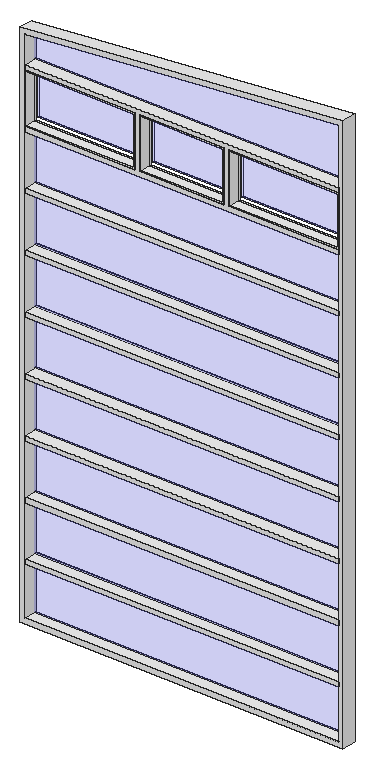
Revit family
Parameters
  창 두께 = 150 mm
  창 패널 = AW23 창 패널
  창 프레임 = AW23 창 프레임
  Height = 6090 mm
  절반 창 두께 = 창 두께 / 2  # 75 mm
  기본 씰 높이 = 3900 mm
  Wall Closure = (empty or 0)
  Width = 3500 mm
Reference planes
  plane 1: y = 0
  plane 2 "중심(왼쪽/오른쪽)": x = 0
  plane 3 "왼쪽": x = -1750
  plane 4 "오른쪽": x = 1750
  plane 5 "씰": z = 3900
  plane 6 "헤드": z = 9990
  plane 7 "외부": y = 100
  plane 8 "내부": y = -100
  plane 9: z = 4500
  plane 10: z = 5100
  plane 11: z = 5700
  plane 12: z = 6300
  plane 13: z = 6900
  plane 14: z = 7500
  plane 15: z = 8100
  plane 16: z = 8700
  plane 17: z = 9300
  plane 18: z = 3950
  plane 19: x = -1700
  plane 20: x = 1700
  plane 21: z = 9670
  plane 22: x = 583.333
  plane 23: x = -583.333
  plane 24: y = 75
  plane 25: y = -75
  plane 26: x = -1700
  plane 27: x = 1700
  plane 28: z = 4525
  plane 29: z = 4475
  plane 30: y = 66
  plane 31: y = 44
  plane 32: y = 35
  plane 33: x = 458.333
  plane 34: x = 508.333
  plane 35: x = -458.333
  plane 36: x = -508.333
  plane 37: x = 483.333
  plane 38: x = -483.333
Forms (mm)
  Sweep 1, solid, material "AW23 창 프레임" <- "창 프레임"
    path origin (-3700, 75, 1000) x (-1, 0, 0) y (0, 0, 1)
      loop
        line (-5450, 2900) -> (-1950, 2900) -> (-1950, 8670) -> (-5450, 8990) -> (-5450, 2900)
    profile origin (1750, 75, 6945) x (1, 0, 0) y (0, 1, 0)
      loop
        line (0, 0) -> (-50, 0) -> (-50, -150) -> (0, -150) -> (0, 0)
  Extrusion 2, solid, material "AW23 창 프레임" <- "창 프레임"
    sketch origin (0, 0, 0) x (1, 0, 0) y (0, 1, 0)
      loop
        line (-1700, 75) -> (-1700, -75) -> (1700, -75) -> (1700, 75) -> (-1700, 75)
    from 4475 to 4525
  Extrusion 3, solid, material "AW23 창 프레임" <- "창 프레임"
    sketch origin (0, 0, 600) x (1, 0, 0) y (0, 1, 0)
      loop
        line (-1700, 75) -> (-1700, -75) -> (1700, -75) -> (1700, 75) -> (-1700, 75)
    from 4475 to 4525
  Extrusion 4, solid, material "AW23 창 프레임" <- "창 프레임"
    sketch origin (0, 0, 1200) x (1, 0, 0) y (0, 1, 0)
      loop
        line (-1700, 75) -> (-1700, -75) -> (1700, -75) -> (1700, 75) -> (-1700, 75)
    from 4475 to 4525
  Extrusion 5, solid, material "AW23 창 프레임" <- "창 프레임"
    sketch origin (0, 0, 1800) x (1, 0, 0) y (0, 1, 0)
      loop
        line (-1700, 75) -> (-1700, -75) -> (1700, -75) -> (1700, 75) -> (-1700, 75)
    from 4475 to 4525
  Extrusion 6, solid, material "AW23 창 프레임" <- "창 프레임"
    sketch origin (0, 0, 2400) x (1, 0, 0) y (0, 1, 0)
      loop
        line (-1700, 75) -> (-1700, -75) -> (1700, -75) -> (1700, 75) -> (-1700, 75)
    from 4475 to 4525
  Extrusion 7, solid, material "AW23 창 프레임" <- "창 프레임"
    sketch origin (0, 0, 3000) x (1, 0, 0) y (0, 1, 0)
      loop
        line (-1700, 75) -> (-1700, -75) -> (1700, -75) -> (1700, 75) -> (-1700, 75)
    from 4475 to 4525
  Extrusion 8, solid, material "AW23 창 프레임" <- "창 프레임"
    sketch origin (0, 0, 3600) x (1, 0, 0) y (0, 1, 0)
      loop
        line (-1700, 75) -> (-1700, -75) -> (1700, -75) -> (1700, 75) -> (-1700, 75)
    from 4475 to 4525
  Extrusion 9, solid, material "AW23 창 프레임" <- "창 프레임"
    sketch origin (0, 0, 4200) x (1, 0, 0) y (0, 1, 0)
      loop
        line (-1700, 75) -> (-1700, -75) -> (1700, -75) -> (1700, 75) -> (-1700, 75)
    from 4475 to 4525
  Extrusion 10, solid, material "AW23 창 프레임" <- "창 프레임"
    sketch origin (0, 0, 4800) x (1, 0, 0) y (0, 1, 0)
      loop
        line (-1700, 75) -> (-1700, -75) -> (1700, -75) -> (1700, 75) -> (-1700, 75)
    from 4475 to 4525
  Extrusion 11, solid, material "AW23 창 패널" <- "창 패널"
    sketch origin (0, 0, 0) x (1, 0, 0) y (0, 1, 0)
      loop
        line (-1700, 66) -> (-1700, 44) -> (1700, 44) -> (1700, 66) -> (-1700, 66)
    from 3950 to 4475
  Extrusion 12, solid, material "AW23 창 패널" <- "창 패널"
    sketch origin (0, 0, 575) x (1, 0, 0) y (0, 1, 0)
      loop
        line (-1700, 66) -> (-1700, 44) -> (1700, 44) -> (1700, 66) -> (-1700, 66)
    from 3950 to 4500
  Extrusion 13, solid, material "AW23 창 패널" <- "창 패널"
    sketch origin (0, 0, 1175) x (1, 0, 0) y (0, 1, 0)
      loop
        line (-1700, 66) -> (-1700, 44) -> (1700, 44) -> (1700, 66) -> (-1700, 66)
    from 3950 to 4500
  Extrusion 14, solid, material "AW23 창 패널" <- "창 패널"
    sketch origin (0, 0, 1775) x (1, 0, 0) y (0, 1, 0)
      loop
        line (-1700, 66) -> (-1700, 44) -> (1700, 44) -> (1700, 66) -> (-1700, 66)
    from 3950 to 4500
  Extrusion 15, solid, material "AW23 창 패널" <- "창 패널"
    sketch origin (0, 0, 2375) x (1, 0, 0) y (0, 1, 0)
      loop
        line (-1700, 66) -> (-1700, 44) -> (1700, 44) -> (1700, 66) -> (-1700, 66)
    from 3950 to 4500
  Extrusion 16, solid, material "AW23 창 패널" <- "창 패널"
    sketch origin (0, 0, 2975) x (1, 0, 0) y (0, 1, 0)
      loop
        line (-1700, 66) -> (-1700, 44) -> (1700, 44) -> (1700, 66) -> (-1700, 66)
    from 3950 to 4500
  Extrusion 17, solid, material "AW23 창 패널" <- "창 패널"
    sketch origin (0, 0, 3575) x (1, 0, 0) y (0, 1, 0)
      loop
        line (-1700, 66) -> (-1700, 44) -> (1700, 44) -> (1700, 66) -> (-1700, 66)
    from 3950 to 4500
  Extrusion 18, solid, material "AW23 창 패널" <- "창 패널"
    sketch origin (0, 0, 4175) x (1, 0, 0) y (0, 1, 0)
      loop
        line (-1700, 66) -> (-1700, 44) -> (1700, 44) -> (1700, 66) -> (-1700, 66)
    from 3950 to 4500
  Extrusion 19, solid, material "AW23 창 프레임" <- "창 프레임"
    sketch origin (0, 0, 0) x (1, 0, 0) y (0, 1, 0)
      loop
        line (-508.333, 75) -> (-508.333, -75) -> (-458.333, -75) -> (-458.333, 75) -> (-508.333, 75)
      loop
        line (458.333, 75) -> (458.333, -75) -> (508.333, -75) -> (508.333, 75) -> (458.333, 75)
    from 8725 to 9275
  Extrusion 20, solid, material "AW23 창 패널" <- "창 패널"
    sketch origin (0, 0, 0) x (1, 0, 0) y (0, 1, 0)
      loop
        line (-1650, 66) -> (-1650, 44) -> (-558.333, 44) -> (-558.333, 66) -> (-1650, 66)
      loop
        line (-408.333, 66) -> (-408.333, 44) -> (408.333, 44) -> (408.333, 66) -> (-408.333, 66)
      loop
        line (558.333, 66) -> (558.333, 44) -> (1650, 44) -> (1650, 66) -> (558.333, 66)
    from 8775 to 9225
  Extrusion 21, solid, material "AW23 창 패널" <- "창 패널"
    sketch origin (558.333, 66, 0) x (1, 0, 0) y (0, 0, -1)
      loop
        line (1141.667, -9325) -> (-2258.333, -9325) -> (-2258.333, -9624.363) -> (1141.667, -9935.22) -> (1141.667, -9325)
    from 0 to -22
  Extrusion 22, solid, material "AW23 창 프레임" <- "창 프레임"
    sketch origin (-508.333, 35, 9275) x (-1, 0, 0) y (0, 0, -1)
      loop
        line (-2208.333, 0) -> (-1016.667, 0) -> (-1016.667, 550) -> (-2208.333, 550) -> (-2208.333, 0)
      loop
        line (-966.667, 0) -> (-50, 0) -> (-50, 550) -> (-966.667, 550) -> (-966.667, 0)
      loop
        line (0, 0) -> (1191.667, 0) -> (1191.667, 550) -> (0, 550) -> (0, 0)
      loop
        line (-2198.333, 540) -> (-2198.333, 10) -> (-1026.667, 10) -> (-1026.667, 540) -> (-2198.333, 540)
      loop
        line (-956.667, 10) -> (-60, 10) -> (-60, 540) -> (-956.667, 540) -> (-956.667, 10)
      loop
        line (10, 10) -> (1181.667, 10) -> (1181.667, 540) -> (10, 540) -> (10, 10)
    from 0 to 110
Cuts and joins
  joined: Extrusion 9, Extrusion 10, Extrusion 19
Lines and regions (mm)
  Opening 1
    outline origin (3500, -100, 0) x (1, 0, 0) y (0, 0, 1)
      loop
        line (-1750, 3900) -> (-1750, 9990) -> (-5250, 9670) -> (-5250, 3900) -> (-1750, 3900)
  symbolic lines
    curve 1: line (-1700, 100, 0) -> (-1700, -100, 0)
    curve 2: line (1700, 100, 0) -> (1700, -100, 0)
    curve 3: line (-1700, 75, 0) -> (1700, 75, 0)
    curve 4: line (-1700, 0, 0) -> (1700, 0, 0)
    curve 5: line (-1700, -75, 0) -> (1700, -75, 0)
Text (mm)
  text "외부" at (-1963.203, 1332.353, 0), in view "참조 레벨"
  text "내부" at (-1981.466, -818.386, 0), in view "참조 레벨"
  text "외부" at (0, 923.751, 2943.296), in view "오른쪽"
  text "외부" at (0, 1040.484, 2685.409), in view "왼쪽"
Dimensions and locks
  equal spacing: plane 3 "왼쪽", plane 2 "중심(왼쪽/오른쪽)", plane 4 "오른쪽"
  "Width": plane 3 "왼쪽" to plane 4 "오른쪽"
  "Height": plane 5 "씰" to plane 6 "헤드"
  "기본 씰 높이": plane 5 "씰" to level
  locked: plane 7 "외부" to host wall at 0
  locked: plane 8 "내부" to host wall
  plane 17 to plane 21 = 370 mm
  plane 21 to plane 6 "헤드" = 320 mm
  equal spacing: plane 3 "왼쪽", plane 23, plane 22, plane 4 "오른쪽"
  plane 29 to plane 9 to plane 28 = 25 mm, 25 mm
  plane 24 to plane 30 to plane 31 to plane 32 = 9 mm locked, 22 mm locked, 9 mm locked
  "절반 창 두께": plane 24 to host wall
  "절반 창 두께": host wall to plane 25
  locked: plane 34 to plane 37 at 25
  locked: plane 33 to plane 37 at 25
  locked: plane 35 to plane 38 at 25
  locked: plane 36 to plane 38 at 25
  locked: plane 38 to plane 37 at 966.667
  aligned and locked: Extrusion 21 to plane 31
  aligned and locked: Extrusion 21 sketch curve to Sweep 1
  aligned and locked: Extrusion 21 sketch curve to plane 26
  aligned and locked: plane 27 to Extrusion 21 sketch curve
  aligned and locked: Extrusion 21 sketch curve to cut or joined group of Extrusion 9, Extrusion 10, Extrusion 19
  aligned and locked: plane 27 to Sweep 1
  aligned and locked: cut or joined group of Extrusion 9, Extrusion 10, Extrusion 19 to Extrusion 22 sketch curve  (x6)
  aligned and locked: plane 34 to Extrusion 22 sketch curve
  aligned and locked: Extrusion 22 sketch curve to plane 33
  aligned and locked: plane 35 to Extrusion 22 sketch curve
  aligned and locked: Extrusion 22 sketch curve to plane 36
  aligned and locked: Extrusion 22 sketch curve to plane 19
  aligned and locked: plane 32 to Extrusion 22
  aligned and locked: Extrusion 22 to plane 25
  aligned and locked: plane 26 to Sweep 1
  aligned and locked: plane 20 to plane 27
  aligned and locked: plane 26 to plane 19
  aligned and locked: plane 27 to Extrusion 22 sketch curve
  aligned and locked: plane 7 "외부" to curve 1
  aligned and locked: plane 8 "내부" to curve 1
  aligned and locked: plane 26 to curve 1
  aligned and locked: plane 7 "외부" to curve 2
  aligned and locked: plane 8 "내부" to curve 2
  aligned and locked: plane 27 to curve 2
  aligned and locked: plane 26 to curve 5
  aligned and locked: plane 20 to curve 3
  aligned and locked: curve 5 to plane 25
  aligned and locked: curve 3 to plane 24
  aligned and locked: host wall to curve 4
Automatic sketch dimensions
  Opening 1 sketch curve to plane 3 "왼쪽" = 0 mm
  Opening 1 sketch curve to plane 4 "오른쪽" = 0 mm
  Opening 1 sketch curve to plane 5 "씰" = 0 mm
  Opening 1 sketch curve to plane 21 = 0 mm
  Opening 1 sketch curve to plane 6 "헤드" = 0 mm
  Sweep 1 sketch curve to plane 4 "오른쪽" = 0 mm
  Sweep 1 sketch curve to plane 3 "왼쪽" = 0 mm
  Sweep 1 sketch curve to plane 5 "씰" = 0 mm
  Sweep 1 sketch curve to plane 21 = 0 mm
  Sweep 1 sketch curve to plane 6 "헤드" = 0 mm
  Sweep 1 sketch curve to plane 24 = 0 mm
  Sweep 1 sketch curve to profile plane = 0 mm
  profile plane to Sweep 1 sketch curve = 50 mm
  Sweep 1 sketch curve to plane 24 = 150 mm
  Extrusion 2 sketch curve to plane 19 = 0 mm
  Extrusion 2 sketch curve to plane 20 = 0 mm
  Extrusion 2 sketch curve to plane 25 = 0 mm
  Extrusion 2 sketch curve to plane 24 = 0 mm
  Extrusion 3 sketch curve to plane 19 = 0 mm
  Extrusion 3 sketch curve to plane 20 = 0 mm
  Extrusion 3 sketch curve to plane 25 = 0 mm
  Extrusion 3 sketch curve to plane 24 = 0 mm
  Extrusion 4 sketch curve to plane 19 = 0 mm
  Extrusion 4 sketch curve to plane 20 = 0 mm
  Extrusion 4 sketch curve to plane 25 = 0 mm
  Extrusion 4 sketch curve to plane 24 = 0 mm
  Extrusion 5 sketch curve to plane 19 = 0 mm
  Extrusion 5 sketch curve to plane 20 = 0 mm
  Extrusion 5 sketch curve to plane 25 = 0 mm
  Extrusion 5 sketch curve to plane 24 = 0 mm
  Extrusion 6 sketch curve to plane 19 = 0 mm
  Extrusion 6 sketch curve to plane 20 = 0 mm
  Extrusion 6 sketch curve to plane 25 = 0 mm
  Extrusion 6 sketch curve to plane 24 = 0 mm
  Extrusion 7 sketch curve to plane 19 = 0 mm
  Extrusion 7 sketch curve to plane 20 = 0 mm
  Extrusion 7 sketch curve to plane 25 = 0 mm
  Extrusion 7 sketch curve to plane 24 = 0 mm
  Extrusion 8 sketch curve to plane 19 = 0 mm
  Extrusion 8 sketch curve to plane 20 = 0 mm
  Extrusion 8 sketch curve to plane 25 = 0 mm
  Extrusion 8 sketch curve to plane 24 = 0 mm
  Extrusion 9 sketch curve to plane 19 = 0 mm
  Extrusion 9 sketch curve to plane 20 = 0 mm
  Extrusion 9 sketch curve to plane 25 = 0 mm
  Extrusion 9 sketch curve to plane 24 = 0 mm
  Extrusion 10 sketch curve to plane 19 = 0 mm
  Extrusion 10 sketch curve to plane 20 = 0 mm
  Extrusion 10 sketch curve to plane 25 = 0 mm
  Extrusion 10 sketch curve to plane 24 = 0 mm
  Extrusion 11 sketch curve to plane 19 = 0 mm
  Extrusion 11 sketch curve to plane 20 = 0 mm
  Extrusion 11 sketch curve to plane 31 = 0 mm
  Extrusion 11 sketch curve to plane 30 = 0 mm
  Extrusion 12 sketch curve to plane 19 = 0 mm
  Extrusion 12 sketch curve to plane 20 = 0 mm
  Extrusion 12 sketch curve to plane 31 = 0 mm
  Extrusion 12 sketch curve to plane 30 = 0 mm
  Extrusion 13 sketch curve to plane 19 = 0 mm
  Extrusion 13 sketch curve to plane 20 = 0 mm
  Extrusion 13 sketch curve to plane 31 = 0 mm
  Extrusion 13 sketch curve to plane 30 = 0 mm
  Extrusion 14 sketch curve to plane 19 = 0 mm
  Extrusion 14 sketch curve to plane 20 = 0 mm
  Extrusion 14 sketch curve to plane 31 = 0 mm
  Extrusion 14 sketch curve to plane 30 = 0 mm
  Extrusion 15 sketch curve to plane 19 = 0 mm
  Extrusion 15 sketch curve to plane 20 = 0 mm
  Extrusion 15 sketch curve to plane 31 = 0 mm
  Extrusion 15 sketch curve to plane 30 = 0 mm
  Extrusion 16 sketch curve to plane 19 = 0 mm
  Extrusion 16 sketch curve to plane 20 = 0 mm
  Extrusion 16 sketch curve to plane 31 = 0 mm
  Extrusion 16 sketch curve to plane 30 = 0 mm
  Extrusion 17 sketch curve to plane 19 = 0 mm
  Extrusion 17 sketch curve to plane 20 = 0 mm
  Extrusion 17 sketch curve to plane 31 = 0 mm
  Extrusion 17 sketch curve to plane 30 = 0 mm
  Extrusion 18 sketch curve to plane 19 = 0 mm
  Extrusion 18 sketch curve to plane 20 = 0 mm
  Extrusion 18 sketch curve to plane 31 = 0 mm
  Extrusion 18 sketch curve to plane 30 = 0 mm
  Extrusion 19 sketch curve to plane 25 = 0 mm  (x2)
  Extrusion 19 sketch curve to plane 36 = 0 mm
  Extrusion 19 sketch curve to plane 35 = 0 mm
  Extrusion 19 sketch curve to plane 24 = 0 mm  (x2)
  Extrusion 19 sketch curve to plane 33 = 0 mm
  Extrusion 19 sketch curve to plane 34 = 0 mm
  Extrusion 20 sketch curve to plane 31 = 0 mm  (x3)
  Extrusion 20 sketch curve to plane 30 = 0 mm  (x3)
  Extrusion 20 sketch curve to plane 19 = 50 mm
  Extrusion 20 sketch curve to plane 36 = 50 mm
  plane 35 to Extrusion 20 sketch curve = 50 mm
  Extrusion 20 sketch curve to plane 33 = 50 mm
  plane 34 to Extrusion 20 sketch curve = 50 mm
  Extrusion 20 sketch curve to plane 20 = 50 mm
  Extrusion 22 sketch curve to Extrusion 22 sketch curve = 10 mm  (x10)
  Extrusion 22 sketch curve to plane 36 = 10 mm
  Extrusion 22 sketch curve to plane 19 = 10 mm
